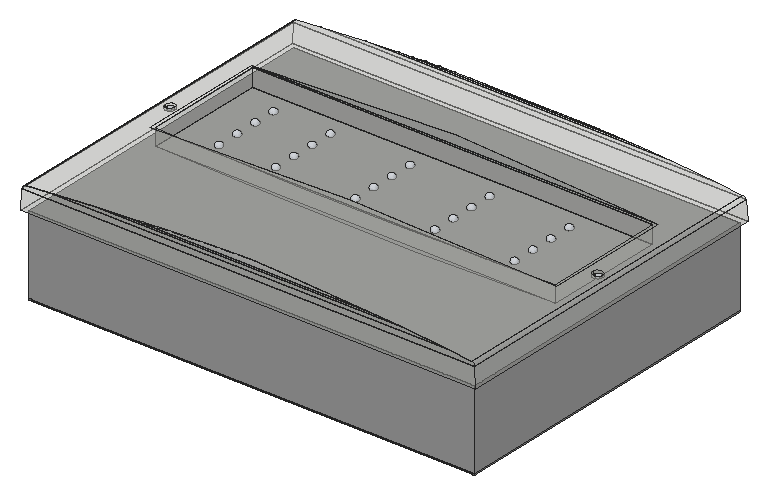
Revit family "Maxlogic Panneau Gcu", category Fire Alarm Devices, host Face, Revit 2021
Family settings
  Host = Face
  Maintain Annotation Orientation = Yes
  Round Connector Dimension = Use Diameter
  Part Type = Normal
  OmniClass Number = 23.85.30.21
  OmniClass Title = Environmental Detection/Registration
  Cut with Voids When Loaded = No
  Shared = No
  Room Calculation Point = No
Parameters (values of type "Maxlogic Panneau GCU pour système adressable,Module TCP/IP,GPRS,RS-232/RS-485 inclus")
  Poids = "6,200 kg"
  Boîtier de montage en surface étanche = ""
  Unité de durée de garantie = "Ans"
  Durée de la garantie pièce rechange = "2"
  Durée de la garantie Travail = "2"
  Version = ""
  URL = "https://www.mavili.com.tr/"
  Socle Montage de Surlévé = ""
  Numéro de pose des travaux public = ""
  Protection de classe = ""
  Code de Produit = "ML-1207.CGK"
  Numéro de Téléphone = "(+)90 216 466 45 05"
  Voltage de fonctionnement (défaut) = ""
  Voltage fonction d'opération = ""
  Tempèrature de fonctionnement = "(-5°C) - (+50°C)"
  Largeur Nominal = "100 mm"
  Longeur Nominal = "400 mm"
  Hauteur Nominal = "300 mm"
  Surface de Montage = "Montage à Mur"
  Hauteur de Montage = ""
  Model = "Maxlogic"
  Manufacturer = "Mavili Elektronik Ticaret A.Ş."
  Manuel d'Installation = "https://mavilielektronik.com/Revit/GCU_enkk.pdf"
  Sortie d'indicateur = ""
  Numéro de Fax = "(+)90 216 466 45 10"
  Alimentation d'externe = "220 V AC"
  E-poste = "mavili@mavili.com.tr"
  Avertissement = ""
  Charger adresse d'appareil = ""
  Description = "Maxlogic Panneau GCU pour système adressable,Module TCP/IP,GPRS,RS-232/RS-485 inclus\r\nMaxlogic Panneau GCU pour système adressable,Module TCP/IP,GPRS,RS-232/RS-485 inclus"
  Default Elevation = 0 mm
  Current de consommation = ""
  Coût Unité = ""
  Cost = 0
  Socles Compatible = ""
  Couleur = "Blanc"
  Code de  Performance = "EN 54-4 / EN 54-18"
  Matèriel Principe = "Mètale Grise"
  Deuxième Matèriel = "Plastique Blanche ABS"
  Batterie = "2 X (12V DC 7 Ah )"
  Assembly Code = ""
  Adresse ligne 1 = "Şerifali Mahallesi Kutup Sokak No:27/1-2-4 Ümraniye TR-34775 İSTANBUL"
Types (8, lengths in mm): name | Code de Produit | Manuel d'Installation | Description | Code de  Performance | Deuxième Matèriel
  (no name) | "ML-1207.CGK" | "https://mavilielektronik.com/Revit/GCU_enkk.pdf" | "Maxlogic Panneau GCU pour système adressable,Module TCP/IP,GPRS,RS-232/RS-485 inclus\r\nMaxlogic Panneau GCU pour système adressable,Module TCP/IP,GPRS,RS-232/RS-485 inclus" | "EN 54-4 / EN 54-18" | "Plastique Blanche ABS"
  Maxlogic Panneau GCU pour système adressable module TCP/IP inclus | "ML-1207.C" | "https://mavilielektronik.com/Revit/GCU_enkk.pdf" | "Maxlogic Panneau GCU pour système adressable module TCP/IP inclus" | "EN 54-4 / EN 54-18" | "Plastique Blanche ABS"
  Maxlogic Panneau GCU pour système adressable,module GPRS inclus | "ML-1207.G" | "https://mavilielektronik.com/Revit/GCU_enkk.pdf" | "Maxlogic Panneau GCU pour système adressable ,module GPRS inclus\r\nMaxlogic Panneau GCU pour système adressable ,module GPRS inclus" | "EN 54-4 / EN 54-18" | "Plastique Blanche  ABS"
  Maxlogic Panneau GCU pour système adressable,Module RS232/RS485 inclus | "ML-1207.K" | "https://mavilielektronik.com/Revit/GCU_enkk.pdf" | "Maxlogic Panneau GCU pour système adressable,Module RS232/RS485 inclus" | "EN 54-4 / EN 54-18" | "Plastique Blanche ABS"
  Maxlogic Panneau GCU  MODBUS  pour système adressable, 3A source d'alimentation inclus , Type B | "ML-1207.MX" | "https://mavilielektronik.com/Revit/ML1207MX_ML1207B_enkk.pdf" | "Panneau GCU  MODBUS  pour système adressable, 3A source d'alimentation inclus , Type B" | "EN 54-4 / EN 54-18" | "Plastique Blanche ABS"
  Maxlogic Panneau GCU pour système adressable,Module TCP/IP,GPRS,RS-232/RS-485 inclus | "ML-1207.CGK" | "https://mavilielektronik.com/Revit/GCU_enkk.pdf" | "Maxlogic Panneau GCU pour système adressable,Module TCP/IP,GPRS,RS-232/RS-485 inclus\r\nMaxlogic Panneau GCU pour système adressable,Module TCP/IP,GPRS,RS-232/RS-485 inclus" | "EN 54-4 / EN 54-18" | "Plastique Blanche ABS"
  Maxlogic Panneau GCU  BACNET pour système adressable, 3A source d'alimentation inclus , Type B | "ML-1207.B" | "https://mavilielektronik.com/Revit/ML1207MX_ML1207B_enkk.pdf" | "Panneau GCU  BACNET pour système adressable, 3A source d'alimentation inclus , Type B" | "EN 54-4 / EN 54-18" | "Plastique Blanche ABS"
  Maxlogic Module de Communication NTP serveur | "ML-1207.NTP" | "https://mavilielektronik.com/Revit/ML1207NTP_kk.pdf" | "Module de Communication NTP serveur" | "" | "Plastique Blanche ABS"
Reference planes
  plane 1 "Center (Front/Back)": y = 0
  plane 2: z = 0
  plane 3 "Center (Left/Right)": x = 0
Forms (mm)
  Extrusion 1, solid, material "mavili arka kasa"
    sketch origin (-210, -150, 148.173) x (1, 0, 0) y (0, 0, -1)
      loop
        line (42.905, 77.3) -> (434.905, 77.3) -> (434.905, 146.904)
        arc (434.905, 146.904) -> (434.545, 147.715) -> (433.785, 148.173) r 1.476
        line (433.785, 148.173) -> (44.505, 148.173)
        arc (44.505, 148.173) -> (43.374, 147.704) -> (42.905, 146.573) r 1.6
        line (42.905, 146.573) -> (42.905, 77.3)
    from 0 to 300
  Extrusion 2, solid, material "Mavili beyaz"
    sketch origin (-210, -150, 148.173) x (1, 0, 0) y (0, 0, -1)
      loop
        line (38.905, 77.3) -> (39.824, 59.769)
        arc (39.824, 59.769) -> (40.651, 57.854) -> (42.526, 56.941) r 3
        arc (42.526, 56.941) -> (238.905, 47.3) -> (435.284, 56.941) r 2005
        arc (435.284, 56.941) -> (437.16, 57.854) -> (437.987, 59.769) r 3
        line (437.987, 59.769) -> (438.905, 77.3) -> (38.905, 77.3)
    from 0 to 300
  Extrusion 3, void
    sketch origin (-167.095, -150, 70.872) x (0, 0, 1) y (0, -1, 0)
      loop
        arc (-69.27, -296) -> (-70.403, -295.532) -> (-70.872, -294.4) r 1.6
        line (-70.872, -294.4) -> (-70.872, -300) -> (0, -300) -> (0, -296) -> (-69.27, -296)
    from 0 to 392
  Extrusion 4, void
    sketch origin (-167.095, 150, 70.872) x (0, 0, 1) y (0, -1, 0)
      loop
        line (-69.27, 296) -> (0, 296) -> (0, 300) -> (-70.872, 300) -> (-70.872, 294.4)
        arc (-70.872, 294.4) -> (-70.403, 295.532) -> (-69.27, 296) r 1.6
    from 0 to 392
  Extrusion 5, void
    sketch origin (-210, -150, 148.173) x (0, 0, -1) y (0, 1, 0)
      loop
        line (55.289, 116.326) -> (55.289, 228.158) -> (47.3, 228.297) -> (47.3, 111.721) -> (55.289, 116.326)
    from 0 to 497.127
  Extrusion 6, void
    sketch origin (-210, -150, 148.173) x (0, 0, -1) y (0, 1, 0)
      loop
        arc (47.3, 295.581) -> (48.124, 297.646) -> (50.143, 298.577) r 3
        line (50.143, 298.577) -> (51.913, 298.669) -> (55.057, 298.834) -> (59.769, 299.081) -> (77.3, 300) -> (50, 300) -> (47.3, 300) -> (47.3, 295.581)
    from 0 to 493.151
  Extrusion 7, void
    sketch origin (-210, 150, 148.173) x (0, 0, -1) y (0, 1, 0)
      loop
        line (47.3, -295.581) -> (47.3, -300) -> (50, -300) -> (77.3, -300) -> (59.769, -299.081) -> (55.057, -298.834) -> (51.913, -298.669) -> (50.143, -298.577)
        arc (50.143, -298.577) -> (48.124, -297.646) -> (47.3, -295.581) r 3
    from 0 to 493.151
  Extrusion 8, void
    sketch origin (-167.095, 146, 25.472) x (0, 0, -1) y (1, 0, 0)
      loop
        line (-13.523, 66.9) -> (-13.523, 68.054)
        arc (-13.523, 68.054) -> (-15, 68.144) -> (-16.477, 68.054) r 12.144
        line (-16.477, 68.054) -> (-16.477, 66.9)
        arc (-16.477, 66.9) -> (-26, 56.025) -> (-16.527, 45.106) r 11
        line (-16.527, 45.106) -> (-16.527, 43.952)
        arc (-16.527, 43.952) -> (-15, 43.856) -> (-13.473, 43.952) r 12.144
        line (-13.473, 43.952) -> (-13.473, 45.106)
        arc (-13.473, 45.106) -> (-4, 56.025) -> (-13.523, 66.9) r 11
    from 0 to 1
  Extrusion 9, void
    sketch origin (-127.095, 146, 25.472) x (0, 0, -1) y (1, 0, 0)
      loop
        line (-13.523, 66.9) -> (-13.523, 68.054)
        arc (-13.523, 68.054) -> (-15, 68.144) -> (-16.477, 68.054) r 12.144
        line (-16.477, 68.054) -> (-16.477, 66.9)
        arc (-16.477, 66.9) -> (-26, 56.025) -> (-16.527, 45.106) r 11
        line (-16.527, 45.106) -> (-16.527, 43.952)
        arc (-16.527, 43.952) -> (-15, 43.856) -> (-13.473, 43.952) r 12.144
        line (-13.473, 43.952) -> (-13.473, 45.106)
        arc (-13.473, 45.106) -> (-4, 56.025) -> (-13.523, 66.9) r 11
    from 0 to 1
  Extrusion 10, void
    sketch origin (-87.095, 146, 25.472) x (0, 0, -1) y (1, 0, 0)
      loop
        line (-13.523, 66.9) -> (-13.523, 68.054)
        arc (-13.523, 68.054) -> (-15, 68.144) -> (-16.477, 68.054) r 12.144
        line (-16.477, 68.054) -> (-16.477, 66.9)
        arc (-16.477, 66.9) -> (-26, 56.025) -> (-16.527, 45.106) r 11
        line (-16.527, 45.106) -> (-16.527, 43.952)
        arc (-16.527, 43.952) -> (-15, 43.856) -> (-13.473, 43.952) r 12.144
        line (-13.473, 43.952) -> (-13.473, 45.106)
        arc (-13.473, 45.106) -> (-4, 56.025) -> (-13.523, 66.9) r 11
    from 0 to 1
  Extrusion 11, void
    sketch origin (-47.095, 146, 25.472) x (0, 0, -1) y (1, 0, 0)
      loop
        line (-13.523, 66.9) -> (-13.523, 68.054)
        arc (-13.523, 68.054) -> (-15, 68.144) -> (-16.477, 68.054) r 12.144
        line (-16.477, 68.054) -> (-16.477, 66.9)
        arc (-16.477, 66.9) -> (-26, 56.025) -> (-16.527, 45.106) r 11
        line (-16.527, 45.106) -> (-16.527, 43.952)
        arc (-16.527, 43.952) -> (-15, 43.856) -> (-13.473, 43.952) r 12.144
        line (-13.473, 43.952) -> (-13.473, 45.106)
        arc (-13.473, 45.106) -> (-4, 56.025) -> (-13.523, 66.9) r 11
    from 0 to 1
  Extrusion 12, void
    sketch origin (-7.095, 146, 25.472) x (0, 0, -1) y (1, 0, 0)
      loop
        line (-13.523, 66.9) -> (-13.523, 68.054)
        arc (-13.523, 68.054) -> (-15, 68.144) -> (-16.477, 68.054) r 12.144
        line (-16.477, 68.054) -> (-16.477, 66.9)
        arc (-16.477, 66.9) -> (-26, 56.025) -> (-16.527, 45.106) r 11
        line (-16.527, 45.106) -> (-16.527, 43.952)
        arc (-16.527, 43.952) -> (-15, 43.856) -> (-13.473, 43.952) r 12.144
        line (-13.473, 43.952) -> (-13.473, 45.106)
        arc (-13.473, 45.106) -> (-4, 56.025) -> (-13.523, 66.9) r 11
    from 0 to 1
  Extrusion 13, void
    sketch origin (32.905, 146, 25.472) x (0, 0, -1) y (1, 0, 0)
      loop
        line (-13.523, 66.9) -> (-13.523, 68.054)
        arc (-13.523, 68.054) -> (-15, 68.144) -> (-16.477, 68.054) r 12.144
        line (-16.477, 68.054) -> (-16.477, 66.9)
        arc (-16.477, 66.9) -> (-26, 56.025) -> (-16.527, 45.106) r 11
        line (-16.527, 45.106) -> (-16.527, 43.952)
        arc (-16.527, 43.952) -> (-15, 43.856) -> (-13.473, 43.952) r 12.144
        line (-13.473, 43.952) -> (-13.473, 45.106)
        arc (-13.473, 45.106) -> (-4, 56.025) -> (-13.523, 66.9) r 11
    from 0 to 1
  Extrusion 14, void
    sketch origin (72.905, 146, 25.472) x (0, 0, -1) y (1, 0, 0)
      loop
        line (-13.523, 66.9) -> (-13.523, 68.054)
        arc (-13.523, 68.054) -> (-15, 68.144) -> (-16.477, 68.054) r 12.144
        line (-16.477, 68.054) -> (-16.477, 66.9)
        arc (-16.477, 66.9) -> (-26, 56.025) -> (-16.527, 45.106) r 11
        line (-16.527, 45.106) -> (-16.527, 43.952)
        arc (-16.527, 43.952) -> (-15, 43.856) -> (-13.473, 43.952) r 12.144
        line (-13.473, 43.952) -> (-13.473, 45.106)
        arc (-13.473, 45.106) -> (-4, 56.025) -> (-13.523, 66.9) r 11
    from 0 to 1
  Extrusion 15, void
    sketch origin (112.905, 146, 25.472) x (0, 0, -1) y (1, 0, 0)
      loop
        line (-13.523, 66.9) -> (-13.523, 68.054)
        arc (-13.523, 68.054) -> (-15, 68.144) -> (-16.477, 68.054) r 12.144
        line (-16.477, 68.054) -> (-16.477, 66.9)
        arc (-16.477, 66.9) -> (-26, 56.025) -> (-16.527, 45.106) r 11
        line (-16.527, 45.106) -> (-16.527, 43.952)
        arc (-16.527, 43.952) -> (-15, 43.856) -> (-13.473, 43.952) r 12.144
        line (-13.473, 43.952) -> (-13.473, 45.106)
        arc (-13.473, 45.106) -> (-4, 56.025) -> (-13.523, 66.9) r 11
    from 0 to 1
  Extrusion 16, void
    sketch origin (-210, -33.417, 92.884) x (-1, 0, 0) y (0, 1, 0)
      loop
        line (-62.836, 2.214) -> (-62.836, 108.579)
        spline (-62.836, 108.579) -> (-92.123, 108.62) -> (-121.442, 108.654) -> (-150.785, 108.681) -> (-180.148, 108.699) -> (-209.524, 108.711) -> (-238.905, 108.714) -> (-268.287, 108.711) -> (-297.662, 108.699) -> (-327.025, 108.681) -> (-356.369, 108.654) -> (-385.687, 108.62) -> (-414.974, 108.579)
        line (-414.974, 108.579) -> (-414.974, 2.214)
        spline (-414.974, 2.214) -> (-385.687, 0.847) -> (-356.369, -0.273) -> (-327.025, -1.144) -> (-297.662, -1.766) -> (-268.287, -2.14) -> (-238.905, -2.264) -> (-209.524, -2.14) -> (-180.148, -1.766) -> (-150.785, -1.144) -> (-121.442, -0.273) -> (-92.123, 0.847) -> (-62.836, 2.214)
    from 0 to 15
  Extrusion 17, void
    sketch origin (-210, -33.417, 92.884) x (-1, 0, 0) y (0, 1, 0)
      loop
        circle (-50.905, 33.417) r 4.25
    from 0 to 3
  Extrusion 18, solid
    sketch origin (-210, -33.442, 89.884) x (0, 1, 0) y (-1, 0, 0)
      loop
        line (35.753, -50.862) -> (34.597, -48.861) -> (32.286, -48.861) -> (31.13, -50.862) -> (32.286, -52.864) -> (34.597, -52.864) -> (35.753, -50.862)
    from 0 to 1
  Extrusion 19, void
    sketch origin (267.811, -33.417, 92.884) x (-1, 0, 0) y (0, 1, 0)
      loop
        circle (50.905, 33.417) r 4.25
    from 0 to 3
  Extrusion 20, solid
    sketch origin (267.811, -33.442, 89.884) x (0, 1, 0) y (-1, 0, 0)
      loop
        line (35.753, 50.862) -> (34.597, 52.864) -> (32.286, 52.864) -> (31.13, 50.862) -> (32.286, 48.861) -> (34.597, 48.861) -> (35.753, 50.862)
    from 0 to 1
  Revolve 21, solid
    sketch origin (-210, -33.417, 77.884) x (-1, 0, 0) y (0, -1, 0)
      loop
        line (-95.905, -93.417) -> (-95.905, -87.417)
        arc (-95.905, -87.417) -> (-98.905, -90.417) -> (-95.905, -93.417) r 3
      axis (-95.905, -93.417) -> (-95.905, -87.417)
    angle from 0 to -180
  Revolve 22, solid
    sketch origin (-160, -33.417, 77.884) x (-1, 0, 0) y (0, -1, 0)
      loop
        line (-95.905, -93.417) -> (-95.905, -87.417)
        arc (-95.905, -87.417) -> (-98.905, -90.417) -> (-95.905, -93.417) r 3
      axis (-95.905, -93.417) -> (-95.905, -87.417)
    angle from 0 to -180
  Revolve 23, solid
    sketch origin (-90, -33.417, 77.884) x (-1, 0, 0) y (0, -1, 0)
      loop
        line (-95.905, -93.417) -> (-95.905, -87.417)
        arc (-95.905, -87.417) -> (-98.905, -90.417) -> (-95.905, -93.417) r 3
      axis (-95.905, -93.417) -> (-95.905, -87.417)
    angle from 0 to -180
  Revolve 24, solid
    sketch origin (-20, -33.417, 77.884) x (-1, 0, 0) y (0, -1, 0)
      loop
        line (-95.905, -93.417) -> (-95.905, -87.417)
        arc (-95.905, -87.417) -> (-98.905, -90.417) -> (-95.905, -93.417) r 3
      axis (-95.905, -93.417) -> (-95.905, -87.417)
    angle from 0 to -180
  Revolve 25, solid
    sketch origin (50, -33.417, 77.884) x (-1, 0, 0) y (0, -1, 0)
      loop
        line (-95.905, -93.417) -> (-95.905, -87.417)
        arc (-95.905, -87.417) -> (-98.905, -90.417) -> (-95.905, -93.417) r 3
      axis (-95.905, -93.417) -> (-95.905, -87.417)
    angle from 0 to -180
  Revolve 26, solid
    sketch origin (-210, -53.417, 77.884) x (-1, 0, 0) y (0, -1, 0)
      loop
        line (-95.905, -93.417) -> (-95.905, -87.417)
        arc (-95.905, -87.417) -> (-98.905, -90.417) -> (-95.905, -93.417) r 3
      axis (-95.905, -93.417) -> (-95.905, -87.417)
    angle from 0 to -180
  Revolve 27, solid
    sketch origin (-160, -53.417, 77.884) x (-1, 0, 0) y (0, -1, 0)
      loop
        line (-95.905, -93.417) -> (-95.905, -87.417)
        arc (-95.905, -87.417) -> (-98.905, -90.417) -> (-95.905, -93.417) r 3
      axis (-95.905, -93.417) -> (-95.905, -87.417)
    angle from 0 to -180
  Revolve 28, solid
    sketch origin (-90, -53.417, 77.884) x (-1, 0, 0) y (0, -1, 0)
      loop
        line (-95.905, -93.417) -> (-95.905, -87.417)
        arc (-95.905, -87.417) -> (-98.905, -90.417) -> (-95.905, -93.417) r 3
      axis (-95.905, -93.417) -> (-95.905, -87.417)
    angle from 0 to -180
  Revolve 29, solid
    sketch origin (-20, -53.417, 77.884) x (-1, 0, 0) y (0, -1, 0)
      loop
        line (-95.905, -93.417) -> (-95.905, -87.417)
        arc (-95.905, -87.417) -> (-98.905, -90.417) -> (-95.905, -93.417) r 3
      axis (-95.905, -93.417) -> (-95.905, -87.417)
    angle from 0 to -180
  Revolve 30, solid
    sketch origin (50, -53.417, 77.884) x (-1, 0, 0) y (0, -1, 0)
      loop
        line (-95.905, -93.417) -> (-95.905, -87.417)
        arc (-95.905, -87.417) -> (-98.905, -90.417) -> (-95.905, -93.417) r 3
      axis (-95.905, -93.417) -> (-95.905, -87.417)
    angle from 0 to -180
  Revolve 31, solid
    sketch origin (-210, -73.417, 77.884) x (-1, 0, 0) y (0, -1, 0)
      loop
        line (-95.905, -93.417) -> (-95.905, -87.417)
        arc (-95.905, -87.417) -> (-98.905, -90.417) -> (-95.905, -93.417) r 3
      axis (-95.905, -93.417) -> (-95.905, -87.417)
    angle from 0 to -180
  Revolve 32, solid
    sketch origin (-160, -73.417, 77.884) x (-1, 0, 0) y (0, -1, 0)
      loop
        line (-95.905, -93.417) -> (-95.905, -87.417)
        arc (-95.905, -87.417) -> (-98.905, -90.417) -> (-95.905, -93.417) r 3
      axis (-95.905, -93.417) -> (-95.905, -87.417)
    angle from 0 to -180
  Revolve 33, solid
    sketch origin (-90, -73.417, 77.884) x (-1, 0, 0) y (0, -1, 0)
      loop
        line (-95.905, -93.417) -> (-95.905, -87.417)
        arc (-95.905, -87.417) -> (-98.905, -90.417) -> (-95.905, -93.417) r 3
      axis (-95.905, -93.417) -> (-95.905, -87.417)
    angle from 0 to -180
  Revolve 34, solid
    sketch origin (-20, -73.417, 77.884) x (-1, 0, 0) y (0, -1, 0)
      loop
        line (-95.905, -93.417) -> (-95.905, -87.417)
        arc (-95.905, -87.417) -> (-98.905, -90.417) -> (-95.905, -93.417) r 3
      axis (-95.905, -93.417) -> (-95.905, -87.417)
    angle from 0 to -180
  Revolve 35, solid
    sketch origin (50, -73.417, 77.884) x (-1, 0, 0) y (0, -1, 0)
      loop
        line (-95.905, -93.417) -> (-95.905, -87.417)
        arc (-95.905, -87.417) -> (-98.905, -90.417) -> (-95.905, -93.417) r 3
      axis (-95.905, -93.417) -> (-95.905, -87.417)
    angle from 0 to -180
  Revolve 36, solid
    sketch origin (-210, -93.417, 77.884) x (-1, 0, 0) y (0, -1, 0)
      loop
        line (-95.905, -93.417) -> (-95.905, -87.417)
        arc (-95.905, -87.417) -> (-98.905, -90.417) -> (-95.905, -93.417) r 3
      axis (-95.905, -93.417) -> (-95.905, -87.417)
    angle from 0 to -180
  Revolve 37, solid
    sketch origin (-160, -93.417, 77.884) x (-1, 0, 0) y (0, -1, 0)
      loop
        line (-95.905, -93.417) -> (-95.905, -87.417)
        arc (-95.905, -87.417) -> (-98.905, -90.417) -> (-95.905, -93.417) r 3
      axis (-95.905, -93.417) -> (-95.905, -87.417)
    angle from 0 to -180
  Revolve 38, solid
    sketch origin (-90, -93.417, 77.884) x (-1, 0, 0) y (0, -1, 0)
      loop
        line (-95.905, -93.417) -> (-95.905, -87.417)
        arc (-95.905, -87.417) -> (-98.905, -90.417) -> (-95.905, -93.417) r 3
      axis (-95.905, -93.417) -> (-95.905, -87.417)
    angle from 0 to -180
  Revolve 39, solid
    sketch origin (-20, -93.417, 77.884) x (-1, 0, 0) y (0, -1, 0)
      loop
        line (-95.905, -93.417) -> (-95.905, -87.417)
        arc (-95.905, -87.417) -> (-98.905, -90.417) -> (-95.905, -93.417) r 3
      axis (-95.905, -93.417) -> (-95.905, -87.417)
    angle from 0 to -180
  Revolve 40, solid
    sketch origin (50, -93.417, 77.884) x (-1, 0, 0) y (0, -1, 0)
      loop
        line (-95.905, -93.417) -> (-95.905, -87.417)
        arc (-95.905, -87.417) -> (-98.905, -90.417) -> (-95.905, -93.417) r 3
      axis (-95.905, -93.417) -> (-95.905, -87.417)
    angle from 0 to -180
Cuts and joins
  Extrusion 3, Extrusion 4, Extrusion 8, Extrusion 9, Extrusion 10, Extrusion 11, Extrusion 12, Extrusion 13, Extrusion 14, Extrusion 15 cuts Extrusion 1
  Extrusion 3, Extrusion 4, Extrusion 5, Extrusion 6, Extrusion 7, Extrusion 16, Extrusion 17, Extrusion 19 cuts Extrusion 2
  Extrusion 19 cuts Extrusion 18
Dimensions and locks
  aligned and locked: plane 2 to host face
  aligned and locked: level to host face
Connectors
  electrical at (29.145, 0, 0)
    settings: on cut or joined group of Extrusion 1, Extrusion 3, Extrusion 4, Extrusion 8, Extrusion 9, Extrusion 10, Extrusion 11, Extrusion 12, Extrusion 13, Extrusion 14, Extrusion 15, index 1, voltage 0 V, apparent load 0 VA, apparent load phase1 0 VA, apparent load phase2 0 VA, apparent load phase3 0 VA, power factor 1, load classification "Other", number of poles 1, system type 31, power factor state 1, is connector primary yes, connector utility no, sub classification motor no, connector description ""
